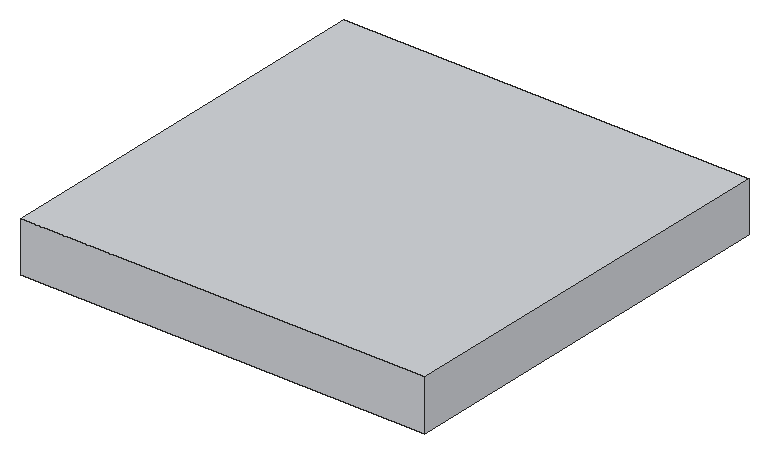
Revit family "TV-016_RFA", category Aparatos sanitarios, Revit 2023
Family settings
  Anfitrión = Cara
  Cota de conector redondo = Usar diámetro
  Tipo de pieza = Normal
  Número OmniClass = 23.45.00.00
  Título OmniClass = Sanitary, Laundry, and Cleaning Equipment
  Activar corte en vistas = No
  Corte con vacíos al cargar = No
  Mantener orientación de anotación = No
  Compartido = Sí
  Punto de cálculo de habitación = Sí
Parameters (values of type "TV-016")
  URL = "https://helvex.com.mx/cespol-para-lavabo-con-registro-tv-016"
  Total Length = 5.20"
  Total Height = 9.70"
  Support Base Diameter = 2.70"
  Inlet Threads = "Ø1¼\" (32mm) Pipe"
  Imagen de tipo = TV-016.jpg
  Modelo = "TV-016"
  Fabricante = "HELVEX S.A DE C.V"
  Default Elevation = 1.25197"
  Descripción = "Céspol para lavabo con registro. No incluye contra. Acabado cromo"
  Comentarios de tipo = "Céspol para lavabo"
  Brass Chromed = Brass
Reference planes (in)
  plane 1 "Center (Front/Back)": y = 0
  plane 2: z = 0
  plane 3 "Center (Left/Right)": x = 0
Forms (in)
  Extrusion 1, solid
    sketch origin (0, 0, 0) x (1, 0, 0) y (0, 1, 0)
      loop
        line (-48, 48) -> (-48, -48) -> (48, -48) -> (48, 48) -> (-48, 48)
    from 0 to -12
Dimensions and locks (in)
  aligned and locked: plane 2 to Extrusion 1
  aligned and locked: level to Extrusion 1
Connectors (in)
  piping at (0, 0.01852, 0), diameter 1.25197, driven by "Default Elevation"
    settings: on free form element, index 1, connector inside diameter 24", connector length 0.00", flow factor 0, pipe flow 0 GPM, pressure drop 0.00 psi, fitting loss kfactor 0, connector angle 0.00°, fixture units 0, engagement length 0.00", angle of deflection 0.00°, flow configuration 0, flow direction 2, fitting loss method 0, system type 16, joint type 0, gender type 0, connector reference index -1, connector utility 0, adjustable connector no, is connector primary yes, connector description ""
